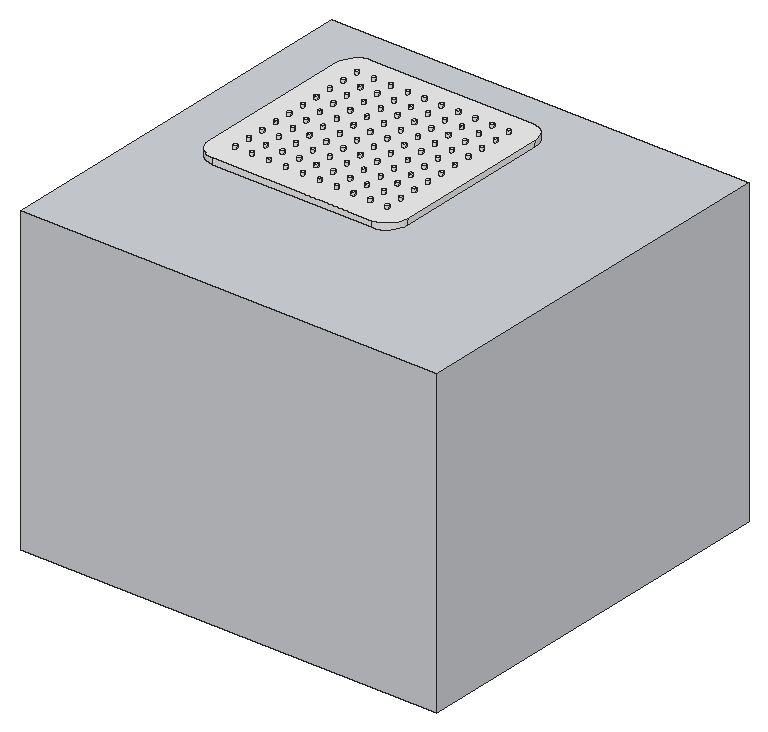
Revit family "IS_IdealrainCube_B0024_BIM_DE", category Plumbing Fixtures, host Face, Revit 2016
Family settings
  Host = Face
  Part Type = Normal
  Round Connector Dimension = Use Diameter
  OmniClass Number = 23.45.55.17
  OmniClass Title = Mixing Faucets
  Cut with Voids When Loaded = No
  Shared = Yes
  Room Calculation Point = No
Parameters (values of type "B0024AA - IRAIN CUBE M1 RAINSH. CHROME 200MM")
  WorkingPressure = "1-5 Bar"
  WarrantyStartDate = "n/a"
  WarrantyGuarantorParts = "n/a"
  WarrantyGuarantorLabor = "n/a"
  WarrantyDurationUnit = "n/a"
  WarrantyDurationParts = "n/a"
  WarrantyDurationLabor = "n/a"
  WarrantyDescription = "n/a"
  WFU = 0
  VolumeUnits = "Litres"
  Version = "1"
  ValvePattern = "n/a"
  ValveOperation = "n/a"
  ValveMechanism = "n/a"
  Uniclass2015Version = "Products v1.1"
  Uniclass2015Title = "Shower fittings package"
  Uniclass2015Code = "Pr_40_20_87_75"
  URL = "www.idealstandard.de"
  Type Comments = "n/a"
  TestPressure = "10 Bar"
  TagNumber = "n/a"
  SustainabilityPerformance = "n/a"
  SpareParts = "www.idealstandard.de/ersatzteile"
  Space = "Internal"
  Size = "200 x 200 x 50 mm"
  Shape = "Sculptured"
  SerialNumber = "n/a"
  Revision = "n/a"
  ReplacementCost = "n/a"
  Reference = "n/a"
  ProductInformation = "www.idealstandard.de"
  PredefinedType = "n/a"
  Phone = "+49228 5210"
  NominalWidth = 200 mm
  NominalLength = 200 mm
  NominalHeight = 52 mm
  NominalDepth = 0 mm
  NettWeight = "1,005 kg"
  Name = "ISI_IdealStandard_MixerTaps_IDEALRAIN CUBE_B0024AA"
  NBSTypeID = "n/a"
  NBSReference = "45-35-70/330"
  NBSOfficeMasterTag = "n/a"
  NBSNote = "n/a"
  NBSDescription = "Shower fittings package"
  NBSCertification = "n/a"
  ModelReference = "IS Regenbrause IDEALRAIN CUBE, 200x200mm Chrom"
  ModelNumber = "B0024AA"
  Model = "B0024AA"
  Material = "Brass"
  ManufacturerURL = "www.idealstandard.de"
  Manufacturer = "idealstandard.de@idealstandard.com"
  LinearUnits = "millimeters"
  InstallationInstructions = "www.idealstandard.de\\produkte"
  InstallationDate = "1900-12-31T23:59:59"
  IfcExportType = "FAUCET"
  IfcExportAs = "IfcValveType"
  Help = "idealstandard.de@idealstandard.com"
  HWFU = 0
  GrossWeight = "1,228 kg"
  Grade = "n/a"
  FlowRate = "n/a"
  FlowCoefficient = "n/a"
  Finish = "Chrome"
  Features = "IDEALRAIN CUBE rainshower head 200mm"
  FaucetType = "PILLAR"
  FaucetTopDescription = "n/a"
  FaucetOperation = "LEVERHANDLE"
  FaucetFunction = "MIXED"
  ExpectedLife = "25"
  DurationUnit = "year"
  DistributedBy = "n/a"
  Description = "Irain Cube M1 Rainshowerower  200mm"
  Default Elevation = 800 mm
  CurrencyUnit = "€"
  CreatedOn = "42774"
  Cost = 0
  Constituents = "n/a"
  ConnectionType = "Plumbing"
  Color = "Chrome"
  CodePerformance = "0"
  CloseOffRating = "n/a"
  Category = "n/a"
  CWFU = 0
  Brand = "Ideal Standard"
  BarCode = "3800861033912"
  BIMObjectName = "ISI_IdealStandard_MixerTaps_IDEALRAIN CUBE_B0024AA"
  Author = "Ideal Standard"
  AssetType = "Fixed"
  AssetIdentifier = "n/a"
  Assembly Code = "C1030200"
  AreaUnits = "millimeters"
  AreaMeasurement = "n/a"
  Accessories = "www.idealstandard.de\\ersatzteile"
  AccessibilityPerformance = "n/a"
Reference planes
  plane 1 "Center (Front/Back)": y = 0
  plane 2: z = 0
  plane 3 "Center (Left/Right)": x = 0
  plane 4: z = 52
  plane 5: z = 49.5
  plane 6: z = 43.5
  plane 7: y = 76.5
  plane 8: x = -76.5
  plane 9: y = 100
  plane 10: y = -100
  plane 11: x = 100
  plane 12: x = -100
Forms (mm)
  Extrusion 1, solid
    sketch origin (-2.122, -192.856, 0) x (1, 0, 0) y (0, 1, 0)
      loop
        line (-197.878, 392.856) -> (-197.878, 0.823) -> (220.32, 0.823) -> (220.32, 392.856) -> (-197.878, 392.856)
    from 0 to -304.8
  Extrusion 2, solid, material "IS_RenderMaterial_Chrome - Polished"
    sketch origin (0, 22.003, 43.5) x (0, 1, 0) y (-1, 0, 0)
      loop
        arc (77.997, 80) -> (72.14, 94.142) -> (57.997, 100) r 20
        line (57.997, 100) -> (-102.003, 100)
        arc (-102.003, 100) -> (-116.145, 94.142) -> (-122.003, 80) r 20
        line (-122.003, 80) -> (-122.003, -80)
        arc (-122.003, -80) -> (-116.145, -94.142) -> (-102.003, -100) r 20
        line (-102.003, -100) -> (57.997, -100)
        arc (57.997, -100) -> (72.14, -94.142) -> (77.997, -80) r 20
        line (77.997, -80) -> (77.997, 80)
    from 0 to 6
  Extrusion 3, solid, material "IS_RenderMaterial_Chrome - Polished"
    sketch origin (0, 72.275, 52) x (0, 1, 0) y (-1, 0, 0)
      loop
        circle (4.225, 76.5) r 1.75
      loop
        circle (4.225, 59.5) r 1.75
      loop
        circle (4.225, 42.5) r 1.75
      loop
        circle (4.225, 25.5) r 1.75
      loop
        circle (4.225, 8.5) r 1.75
      loop
        circle (4.225, -8.5) r 1.75
      loop
        circle (4.225, -25.5) r 1.75
      loop
        circle (4.225, -42.5) r 1.75
      loop
        circle (4.225, -59.5) r 1.75
      loop
        circle (4.225, -76.5) r 1.75
      loop
        circle (-12.775, 76.5) r 1.75
      loop
        circle (-12.775, 59.5) r 1.75
      loop
        circle (-12.775, 42.5) r 1.75
      loop
        circle (-12.775, 25.5) r 1.75
      loop
        circle (-12.775, 8.5) r 1.75
      loop
        circle (-12.775, -8.5) r 1.75
      loop
        circle (-12.775, -25.5) r 1.75
      loop
        circle (-12.775, -42.5) r 1.75
      loop
        circle (-12.775, -59.5) r 1.75
      loop
        circle (-12.775, -76.5) r 1.75
      loop
        circle (-29.775, 76.5) r 1.75
      loop
        circle (-29.775, 59.5) r 1.75
      loop
        circle (-29.775, 42.5) r 1.75
      loop
        circle (-29.775, 25.5) r 1.75
      loop
        circle (-29.775, 8.5) r 1.75
      loop
        circle (-29.775, -8.5) r 1.75
      loop
        circle (-29.775, -25.5) r 1.75
      loop
        circle (-29.775, -42.5) r 1.75
      loop
        circle (-29.775, -59.5) r 1.75
      loop
        circle (-29.775, -76.5) r 1.75
      loop
        circle (-46.775, 76.5) r 1.75
      loop
        circle (-46.775, 59.5) r 1.75
      loop
        circle (-46.775, 42.5) r 1.75
      loop
        circle (-46.775, 25.5) r 1.75
      loop
        circle (-46.775, 8.5) r 1.75
      loop
        circle (-46.775, -8.5) r 1.75
      loop
        circle (-46.775, -25.5) r 1.75
      loop
        circle (-46.775, -42.5) r 1.75
      loop
        circle (-46.775, -59.5) r 1.75
      loop
        circle (-46.775, -76.5) r 1.75
      loop
        circle (-63.775, 76.5) r 1.75
      loop
        circle (-63.775, 59.5) r 1.75
      loop
        circle (-63.775, 42.5) r 1.75
      loop
        circle (-63.775, 25.5) r 1.75
      loop
        circle (-63.775, 8.5) r 1.75
      loop
        circle (-63.775, -8.5) r 1.75
      loop
        circle (-63.775, -25.5) r 1.75
      loop
        circle (-63.775, -42.5) r 1.75
      loop
        circle (-63.775, -59.5) r 1.75
      loop
        circle (-63.775, -76.5) r 1.75
      loop
        circle (-80.775, 76.5) r 1.75
      loop
        circle (-80.775, 59.5) r 1.75
      loop
        circle (-80.775, 42.5) r 1.75
      loop
        circle (-80.775, 25.5) r 1.75
      loop
        circle (-80.775, 8.5) r 1.75
      loop
        circle (-80.775, -8.5) r 1.75
      loop
        circle (-80.775, -25.5) r 1.75
      loop
        circle (-80.775, -42.5) r 1.75
      loop
        circle (-80.775, -59.5) r 1.75
      loop
        circle (-80.775, -76.5) r 1.75
      loop
        circle (-97.775, 76.5) r 1.75
      loop
        circle (-97.775, 59.5) r 1.75
      loop
        circle (-97.775, 42.5) r 1.75
      loop
        circle (-97.775, 25.5) r 1.75
      loop
        circle (-97.775, 8.5) r 1.75
      loop
        circle (-97.775, -8.5) r 1.75
      loop
        circle (-97.775, -25.5) r 1.75
      loop
        circle (-97.775, -42.5) r 1.75
      loop
        circle (-97.775, -59.5) r 1.75
      loop
        circle (-97.775, -76.5) r 1.75
      loop
        circle (-114.775, 76.5) r 1.75
      loop
        circle (-114.775, 59.5) r 1.75
      loop
        circle (-114.775, 42.5) r 1.75
      loop
        circle (-114.775, 25.5) r 1.75
      loop
        circle (-114.775, 8.5) r 1.75
      loop
        circle (-114.775, -8.5) r 1.75
      loop
        circle (-114.775, -25.5) r 1.75
      loop
        circle (-114.775, -42.5) r 1.75
      loop
        circle (-114.775, -59.5) r 1.75
      loop
        circle (-114.775, -76.5) r 1.75
      loop
        circle (-131.775, 76.5) r 1.75
      loop
        circle (-131.775, 59.5) r 1.75
      loop
        circle (-131.775, 42.5) r 1.75
      loop
        circle (-131.775, 25.5) r 1.75
      loop
        circle (-131.775, 8.5) r 1.75
      loop
        circle (-131.775, -8.5) r 1.75
      loop
        circle (-131.775, -25.5) r 1.75
      loop
        circle (-131.775, -42.5) r 1.75
      loop
        circle (-131.775, -59.5) r 1.75
      loop
        circle (-131.775, -76.5) r 1.75
      loop
        circle (-148.775, 76.5) r 1.75
      loop
        circle (-148.775, 59.5) r 1.75
      loop
        circle (-148.775, 42.5) r 1.75
      loop
        circle (-148.775, 25.5) r 1.75
      loop
        circle (-148.775, 8.5) r 1.75
      loop
        circle (-148.775, -8.5) r 1.75
      loop
        circle (-148.775, -25.5) r 1.75
      loop
        circle (-148.775, -42.5) r 1.75
      loop
        circle (-148.775, -59.5) r 1.75
      loop
        circle (-148.775, -76.5) r 1.75
    from 0 to -6.223
  Revolve 4, solid, material "IS_RenderMaterial_Chrome - Polished"
    sketch origin (0, 0, 0) x (1, 0, 0) y (0, 0, 1)
      loop
        line (0, 2.005) -> (10.5, 2.005) -> (10.5, 0) -> (18, 0) -> (18, 10) -> (17, 10) -> (17, 21) -> (12, 29.5) -> (12, 43.5) -> (0, 43.5) -> (0, 2.005)
      axis (0, 0) -> (0, 43.5)
    angle from 0 to 360
Cuts and joins
  joined: Extrusion 2, Extrusion 3, Revolve 4
Dimensions and locks
  "NominalLength": plane 9 to plane 10
  "NominalHeight": plane 4 to level
  "NominalWidth": plane 11 to plane 12
  aligned and locked: plane 2 to Extrusion 1
  aligned and locked: level to Extrusion 1
  aligned and locked: Extrusion 2 to plane 5
Automatic sketch dimensions
  Extrusion 1 sketch curve to Extrusion 1 sketch curve = 418.198 mm
  Extrusion 1 sketch curve to Extrusion 1 sketch curve = 392.033 mm
  plane 10 to Extrusion 2 sketch curve = 0 mm
  Extrusion 2 sketch curve to plane 9 = 0 mm
  Extrusion 2 sketch curve to plane 10 = 20 mm  (x2)
  Extrusion 2 sketch curve to plane 7 = 3.5 mm  (x2)
  plane 3 "Center (Left/Right)" to Extrusion 2 sketch curve = 100 mm
  Extrusion 2 sketch curve to plane 3 "Center (Left/Right)" = 80 mm
  Extrusion 3 sketch curve to plane 8 = 0 mm  (x10)
  plane 7 to Extrusion 3 sketch curve = 0 mm  (x10)
  plane 7 to Extrusion 3 sketch curve = 17 mm  (x9)
  Extrusion 3 sketch curve to Extrusion 3 sketch curve = 0 mm  (x49)
  plane 3 "Center (Left/Right)" to Extrusion 3 sketch curve = 8.5 mm  (x10)
  Extrusion 3 sketch curve to Extrusion 3 sketch curve = 17 mm  (x82)
  Extrusion 3 sketch curve to plane 1 "Center (Front/Back)" = 8.5 mm  (x10)
  plane 1 "Center (Front/Back)" to Extrusion 3 sketch curve = 8.5 mm  (x10)
  Extrusion 3 sketch curve to plane 3 "Center (Left/Right)" = 8.5 mm  (x10)
  Revolve 4 sketch curve to plane 3 "Center (Left/Right)" = 0 mm  (x2)
  Revolve 4 sketch curve to level = 0 mm
  Revolve 4 sketch curve to plane 6 = 0 mm
  level to Revolve 4 sketch curve = 2.005 mm
  plane 3 "Center (Left/Right)" to Revolve 4 sketch curve = 10.5 mm
  plane 3 "Center (Left/Right)" to Revolve 4 sketch curve = 12 mm
  Revolve 4 sketch curve to Revolve 4 sketch curve = 6.5 mm
  Revolve 4 sketch curve to Revolve 4 sketch curve = 1 mm
  level to Revolve 4 sketch curve = 10 mm
  Revolve 4 sketch curve to Revolve 4 sketch curve = 11 mm
  Revolve 4 sketch curve to Revolve 4 sketch curve = 8.5 mm
  Revolve 4 sketch curve to Revolve 4 sketch curve = 0 mm
  Revolve 4 sketch curve to Revolve 4 sketch curve = 1.495 mm
  radius of Extrusion 3 sketch curve = 1.75 mm  (x100)
Connectors
  piping at (0, 0, 0), diameter 21
    settings: on cut or joined group of Extrusion 2, Extrusion 3, Revolve 4, index 1, connector inside diameter 24", connector length 0 mm, flow factor 0, pipe flow 0 GPM, pressure drop 0.00 psi, fitting loss kfactor 0, connector angle 0.00°, fixture units 0, engagement length 0 mm, angle of deflection 0.00°, flow configuration 2, flow direction 1, fitting loss method 0, system type 19, joint type 0, gender type 0, connector reference index -1, connector utility 0, adjustable connector no, is connector primary yes, connector description ""
